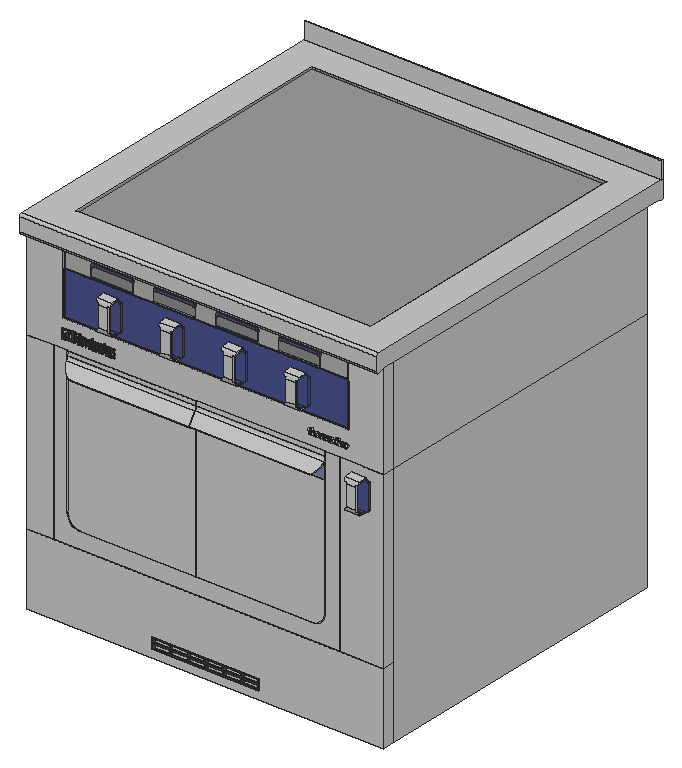
Revit family "QF_ELECTROLUXPROFESSIONAL_588437_MAIQFBH4AO", category Attrezzature speciali, Revit 2020
Family settings
  Quota connettore circolare = Usa diametro
  Tipo di parte = Normale
  Basato su piano di lavoro = No
  Sempre verticale = Sì
  Taglio con vuoti quando caricato = No
  Condiviso = No
  Punto di calcolo locali = No
Parameters (values of type "Standard")
  Weight = 72.00 kg
  Watts = 22000 W
  Volts = 400 V
  URL Manufacturer = "https://www.electroluxprofessional.com/"
  URL = "https://www.electroluxprofessional.com/"
  Steam Supply Size = 0"
  Steam Supply Minimum Pressure = 0.00 psi
  Steam Supply Maximum Pressure = 0.00 psi
  Steam Consumption per Hour = 0
  Refrigeration Suction Line Size = 0 mm
  Refrigeration Liquid Line Size = 0 mm
  Refrigerant Compressor Remote = yes
  Prospetto di default = 0 mm
  Phase = 3
  Modello = "MAIQFBH4AO"
  Produttore = "Electrolux Professional"
  Length Actual = 800 mm  # constant formula
  Item Number = "588437"
  Hot Water Size = 0"
  Height Actual = 800 mm  # constant formula
  HP = "29.5 HP"
  Gas Size = 0"
  Gas KW = 0
  Gas Input Pressure = 0.0 Btu/h
  Direct Waste Size = 0"
  Descrizione = "INDUCTION,4Z,WARM CAB,1S,BS,800X800X800H"
  Depth Actual = 800 mm  # constant formula
  Cycle = 50 Hz
  Condensate Return Size = 0"
  Compressed Air Volume = 0 GPM
  Compressed Air Size = 0"
  Compressed Air Pressure = 0.00 psi
  Cold Water Size = 0"
  Accessory = yes
Reference planes
  plane 1 "BACK": y = 0
  plane 2: z = 0
  plane 3 "LEFT": x = 0
  plane 4 "RIGHT": x = 800
  plane 5 "FRONT": y = -800
  plane 6 "TOP": z = 900
  plane 7 "Center (Left/Right)": x = 400
  plane 8: y = -400
  plane 9: z = 100
  plane 10: y = -150
  plane 11 "Panel": y = -755
  plane 12: z = 798
  plane 13: z = 1327
  plane 14: x = 78
  plane 15: x = 722
  plane 16: y = -150
  plane 17: y = -650
  plane 18 "EIx": x = 755
  plane 19 "EIy": y = -585
  plane 20: x = 380
  plane 21 "BASE_TOP": z = 650
  plane 22: x = 60
  plane 23: x = 700
  plane 24: z = 260
  plane 25: z = 938
Forms (mm)
  Extrusion 1, solid, material "QF_Finishes_Stainless Steel"
    sketch origin (-178.969, -4572, 100) x (-1, 0, 0) y (0, -1, 0)
      loop
        line (-178.969, -4527) -> (-178.969, -3817) -> (-978.969, -3817) -> (-978.969, -4527) -> (-178.969, -4527)
    from 550 to 762.969
  Extrusion 2, solid, material "QF_Finishes_Stainless Steel"
    sketch origin (0, 0, 0) x (0, 1, 0) y (0, 0, 1)
      loop
        line (-755, 100) -> (-755, 260) -> (-780, 260) -> (-780, 100) -> (-755, 100)
    from 0 to 800
  Extrusion 3, solid, material "QF_Finishes_Stainless Steel"
    sketch origin (-588.969, -4562, 100) x (-1, 0, 0) y (0, -1, 0)
      loop
        circle (-1343.969, -3977) r 6.35
    from 0 to -11.851
  Extrusion 4, solid, material "QF_Finishes_Stainless Steel"
    sketch origin (400, 296.4, 1219.2) x (0, 1, 0) y (0, 0, 1)
      loop
        line (-296.4, -319.2) -> (-1091.4, -319.2)
        arc (-1091.4, -319.2) -> (-1094.935, -320.664) -> (-1096.4, -324.2) r 5
        line (-1096.4, -324.2) -> (-1096.4, -355.2)
        arc (-1096.4, -355.2) -> (-1094.971, -358.264) -> (-1091.705, -359.139) r 4
        line (-1091.705, -359.139) -> (-1076.4, -356.231) -> (-316.4, -356.231) -> (-301.094, -359.139)
        arc (-301.094, -359.139) -> (-297.829, -358.264) -> (-296.4, -355.2) r 4
        line (-296.4, -355.2) -> (-296.4, -319.2)
    from -400 to 400
  Extrusion 5, solid, material "QF_Finishes_Stainless Steel"
    sketch origin (-178.969, -4572, 100) x (-1, 0, 0) y (0, -1, 0)
      loop
        line (-178.969, -4527) -> (-178.969, -3817) -> (-978.969, -3817) -> (-978.969, -4527) -> (-178.969, -4527)
    from 550 to 0
  Extrusion 6, void
    sketch origin (0, -755, 0) x (-1, 0, 0) y (0, 0, 1)
      loop
        line (-520, 116.594) -> (-280, 116.594) -> (-280, 141.594) -> (-520, 141.594) -> (-520, 116.594)
    from -20 to -25
  Extrusion 7, solid, material "QF_Finishes_Black"
    sketch origin (0, -755, 0) x (-1, 0, 0) y (0, 0, 1)
      loop
        line (-280, 141.594) -> (-520, 141.594) -> (-520, 116.594) -> (-280, 116.594) -> (-280, 141.594)
      loop
        line (-282, 139.594) -> (-319.131, 139.594) -> (-319.131, 130.094) -> (-282, 130.094) -> (-282, 139.594)
      loop
        line (-282, 118.594) -> (-282, 128.094) -> (-319.131, 128.094) -> (-319.131, 118.594) -> (-282, 118.594)
      loop
        line (-321.131, 139.594) -> (-359.066, 139.594) -> (-359.066, 130.094) -> (-321.131, 130.094) -> (-321.131, 139.594)
      loop
        line (-399, 139.594) -> (-399, 130.094) -> (-361.066, 130.094) -> (-361.066, 139.594) -> (-399, 139.594)
      loop
        line (-401, 139.594) -> (-438.934, 139.594) -> (-438.934, 130.094) -> (-401, 130.094) -> (-401, 139.594)
      loop
        line (-359.066, 118.594) -> (-321.131, 118.594) -> (-321.131, 128.094) -> (-359.066, 128.094) -> (-359.066, 118.594)
      loop
        line (-361.066, 118.594) -> (-361.066, 128.094) -> (-399, 128.094) -> (-399, 118.594) -> (-361.066, 118.594)
      loop
        line (-401, 128.094) -> (-438.934, 128.094) -> (-438.934, 118.594) -> (-401, 118.594) -> (-401, 128.094)
      loop
        line (-518, 139.594) -> (-518, 130.094) -> (-480.869, 130.094) -> (-480.869, 139.594) -> (-518, 139.594)
      loop
        line (-518, 118.594) -> (-480.869, 118.594) -> (-480.869, 128.094) -> (-518, 128.094) -> (-518, 118.594)
      loop
        line (-478.869, 139.594) -> (-478.869, 130.094) -> (-440.934, 130.094) -> (-440.934, 139.594) -> (-478.869, 139.594)
      loop
        line (-440.934, 118.594) -> (-440.934, 128.094) -> (-478.869, 128.094) -> (-478.869, 118.594) -> (-440.934, 118.594)
    from -25 to -20
  Extrusion 8, solid, material "QF_Finishes_Stainless Steel"
    sketch origin (0, -755, 0) x (-1, 0, 0) y (0, 0, 1)
      loop
        line (0, 260) -> (0, 650) -> (-60, 650) -> (-60, 260) -> (0, 260)
    from 0 to -25.03
  Extrusion 9, solid, material "QF_Finishes_Stainless Steel"
    sketch origin (0, -755, 0) x (-1, 0, 0) y (0, 0, 1)
      loop
        line (-700, 260) -> (-700, 650) -> (-800, 650) -> (-800, 260) -> (-700, 260)
    from 0 to -25.03
  Extrusion 10, solid, material "QF_Finishes_Stainless Steel"
    sketch origin (70, -755, 0) x (-1, 0, 0) y (0, 0, 1)
      loop
        line (10, 260) -> (10, 650) -> (-20, 650) -> (-20, 325)
        arc (-20, 325) -> (-28.787, 303.787) -> (-50, 295) r 30
        line (-50, 295) -> (-570, 295)
        arc (-570, 295) -> (-591.213, 303.787) -> (-600, 325) r 30
        line (-600, 325) -> (-600, 650) -> (-630, 650) -> (-630, 260) -> (10, 260)
    from 0 to -25.03
  Extrusion 11, solid, material "QF_Finishes_Electrolux_Black Smoke Iluminated"
    sketch origin (0, 0, 900) x (-1, 0, 0) y (0, -1, 0)
      loop
        line (-70, 70) -> (-70, 730) -> (-730, 730) -> (-730, 70) -> (-70, 70)
    from -5 to 0
  Extrusion 12, void
    sketch origin (11.152, -20, 900) x (-1, 0, 0) y (0, -1, 0)
      loop
        line (-58.848, 50) -> (-58.848, 710) -> (-718.848, 710) -> (-718.848, 50) -> (-58.848, 50)
    from -5 to 40.278
  Extrusion 13, solid, material "QF_Finishes_Stainless Steel"
    sketch origin (400, 296.4, 1219.2) x (0, 1, 0) y (0, 0, 1)
      loop
        line (-296.4, -281.2) -> (-298.4, -281.2) -> (-298.4, -319.2) -> (-296.4, -319.2) -> (-296.4, -281.2)
    from -400 to 400
Cuts and joins
  Extrusion 6 cuts Extrusion 5
  Extrusion 6 cuts Extrusion 2
  Extrusion 12 cuts Extrusion 4
Lines and regions (mm)
  symbolic lines
    curve 1: line (0, 0, 100) -> (800, 0, 100)
    curve 2: line (0, -800, 100) -> (0, 0, 100)
    curve 3: line (800, -800, 100) -> (0, -800, 100)
    curve 4: line (800, 0, 100) -> (800, -800, 100)
    curve 43: line (0, -2, 900) -> (800, -2, 900)
  model lines
    curve 5: line (700, -80, 900) -> (100, -80, 900)
    curve 6: line (100, -80, 900) -> (78.787, -101.213, 900)
    curve 7: line (700, -80, 900) -> (721.213, -101.213, 900)
    curve 8: line (700, -720, 900) -> (100, -720, 900)
    curve 9: line (100, -720, 900) -> (78.787, -698.787, 900)
    curve 10: line (700, -720, 900) -> (721.213, -698.787, 900)
    curve 11: line (107.267, -132.845, 900) -> (107.267, -367.845, 900)
    curve 12: line (107.267, -367.845, 900) -> (124.945, -385.523, 900)
    curve 13: line (107.267, -132.845, 900) -> (124.945, -115.167, 900)
    curve 14: line (192.267, -250.345, 900) -> (292.267, -250.345, 900)
    curve 15: line (377.267, -132.845, 900) -> (377.267, -367.845, 900)
    curve 16: line (377.267, -367.845, 900) -> (359.59, -385.523, 900)
    curve 17: line (377.267, -132.845, 900) -> (359.59, -115.167, 900)
    curve 18: line (242.267, -300.345, 900) -> (242.267, -200.345, 900)
    curve 19: line (692.733, -132.845, 900) -> (692.733, -367.845, 900)
    curve 20: line (692.733, -367.845, 900) -> (675.055, -385.523, 900)
    curve 21: line (692.733, -132.845, 900) -> (675.055, -115.167, 900)
    curve 22: line (607.733, -250.345, 900) -> (507.733, -250.345, 900)
    curve 23: line (422.733, -132.845, 900) -> (422.733, -367.845, 900)
    curve 24: line (422.733, -367.845, 900) -> (440.41, -385.523, 900)
    curve 25: line (422.733, -132.845, 900) -> (440.41, -115.167, 900)
    curve 26: line (557.733, -300.345, 900) -> (557.733, -200.345, 900)
    curve 27: line (107.267, -667.155, 900) -> (107.267, -432.155, 900)
    curve 28: line (107.267, -432.155, 900) -> (124.945, -414.477, 900)
    curve 29: line (107.267, -667.155, 900) -> (124.945, -684.833, 900)
    curve 30: line (192.267, -549.655, 900) -> (292.267, -549.655, 900)
    curve 31: line (377.267, -667.155, 900) -> (377.267, -432.155, 900)
    curve 32: line (377.267, -432.155, 900) -> (359.59, -414.477, 900)
    curve 33: line (377.267, -667.155, 900) -> (359.59, -684.833, 900)
    curve 34: line (242.267, -499.655, 900) -> (242.267, -599.655, 900)
    curve 35: line (692.733, -667.155, 900) -> (692.733, -432.155, 900)
    curve 36: line (692.733, -432.155, 900) -> (675.055, -414.477, 900)
    curve 37: line (692.733, -667.155, 900) -> (675.055, -684.833, 900)
    curve 38: line (607.733, -549.655, 900) -> (507.733, -549.655, 900)
    curve 39: line (422.733, -667.155, 900) -> (422.733, -432.155, 900)
    curve 40: line (422.733, -432.155, 900) -> (440.41, -414.477, 900)
    curve 41: line (422.733, -667.155, 900) -> (440.41, -684.833, 900)
    curve 42: line (557.733, -499.655, 900) -> (557.733, -599.655, 900)
Dimensions and locks
  plane 3 "LEFT" to plane 4 "RIGHT" = 800 mm
  plane 5 "FRONT" to plane 1 "BACK" = 800 mm
  equal spacing: plane 3 "LEFT", plane 7 "Center (Left/Right)", plane 4 "RIGHT"
  equal spacing: plane 5 "FRONT", plane 8, plane 1 "BACK"
  plane 9 to level = 100 mm
  plane 1 "BACK" to plane 10 to plane 11 "Panel" = 150 mm, 605 mm  (x2)
  plane 6 "TOP" to plane 9 to level = 800 mm, 100 mm
  plane 6 "TOP" to level = 900 mm
  plane 1 "BACK" to plane 5 "FRONT" = 800 mm
  plane 1 "BACK" to Extrusion 3 = 585 mm
  plane 12 to plane 9 = 698 mm
  plane 13 to plane 6 "TOP" = 427 mm
  plane 6 "TOP" to plane 12 = 102 mm
  plane 14 to plane 3 "LEFT" = 78 mm
  plane 15 to plane 4 "RIGHT" = 78 mm
  locked: plane 1 "BACK" to plane 16 at 150
  locked: plane 16 to plane 17 at 500
  plane 11 "Panel" to plane 5 "FRONT" = 45 mm
  plane 18 "EIx" to plane 4 "RIGHT" = 45 mm
  plane 19 "EIy" to plane 1 "BACK" = 585 mm
  plane 7 "Center (Left/Right)" to plane 20 = 20 mm
  locked: plane 22 to plane 3 "LEFT" at 60
  plane 23 to plane 4 "RIGHT" = 100 mm
  plane 6 "TOP" to plane 21 "BASE_TOP" to plane 9 to level = 250 mm, 550 mm, 100 mm
  plane 25 to plane 6 "TOP" = 38 mm
  aligned and locked: level to plane 2
  aligned and locked: Extrusion 2 to plane 4 "RIGHT"
  aligned and locked: Extrusion 9 to plane 4 "RIGHT"
  aligned and locked: Extrusion 9 to plane 23
  aligned and locked: plane 21 "BASE_TOP" to Extrusion 9
  aligned and locked: Extrusion 9 to plane 24
  aligned and locked: Extrusion 8 to plane 3 "LEFT"
  aligned and locked: plane 22 to Extrusion 8
  aligned and locked: Extrusion 8 to plane 24
  aligned and locked: Extrusion 10 sketch curve to plane 22
  aligned and locked: Extrusion 10 sketch curve to plane 23
  aligned and locked: Extrusion 10 sketch curve to plane 21 "BASE_TOP"
  aligned and locked: plane 24 to cut or joined group of Extrusion 2, Extrusion 6
  aligned and locked: plane 21 "BASE_TOP" to cut or joined group of Extrusion 5, Extrusion 6
  aligned and locked: Extrusion 1 to plane 21 "BASE_TOP"
  aligned and locked: plane 3 "LEFT" to nested 3
  aligned and locked: nested 3 to plane 21 "BASE_TOP"
  aligned and locked: Extrusion 13 to plane 3 "LEFT"
  aligned and locked: Extrusion 13 to plane 4 "RIGHT"
  aligned and locked: plane 21 "BASE_TOP" to nested 2
Automatic sketch dimensions
  Extrusion 3 sketch curve to plane 18 "EIx" = 0 mm
  Extrusion 3 sketch curve to plane 19 "EIy" = 0 mm
  Extrusion 1 sketch curve to plane 4 "RIGHT" = 0 mm
  Extrusion 1 sketch curve to plane 3 "LEFT" = 0 mm
  Extrusion 1 sketch curve to plane 11 "Panel" = 0 mm
  plane 1 "BACK" to Extrusion 1 sketch curve = 45 mm
  Extrusion 2 sketch curve to plane 9 = 0 mm
  Extrusion 2 sketch curve to plane 24 = 0 mm
  Extrusion 2 sketch curve to plane 11 "Panel" = 0 mm
  Extrusion 2 sketch curve to plane 5 "FRONT" = 20 mm
  plane 1 "BACK" to curve 1 = 0 mm
  curve 1 to plane 4 "RIGHT" = 0 mm
  curve 3 to plane 3 "LEFT" = 0 mm
  plane 5 "FRONT" to curve 3 = 0 mm
  Extrusion 4 sketch curve to plane 5 "FRONT" = 0 mm
  Extrusion 4 sketch curve to plane 6 "TOP" = 0 mm
  Extrusion 4 sketch curve to plane 1 "BACK" = 0 mm
  Extrusion 4 sketch curve to plane 5 "FRONT" = 4 mm
  Extrusion 4 sketch curve to Extrusion 4 sketch curve = 0.695 mm
  Extrusion 4 sketch curve to plane 5 "FRONT" = 5 mm
  Extrusion 4 sketch curve to Extrusion 4 sketch curve = 15.305 mm
  plane 1 "BACK" to Extrusion 4 sketch curve = 20 mm
  plane 1 "BACK" to Extrusion 4 sketch curve = 4.695 mm
  Extrusion 4 sketch curve to Extrusion 4 sketch curve = 4 mm
  Extrusion 4 sketch curve to Extrusion 4 sketch curve = 31 mm
  Extrusion 4 sketch curve to plane 6 "TOP" = 36 mm
  Extrusion 4 sketch curve to Extrusion 4 sketch curve = 2.909 mm
  Extrusion 5 sketch curve to plane 4 "RIGHT" = 0 mm
  Extrusion 5 sketch curve to plane 3 "LEFT" = 0 mm
  Extrusion 5 sketch curve to plane 11 "Panel" = 0 mm
  plane 1 "BACK" to Extrusion 5 sketch curve = 45 mm
  Extrusion 6 sketch curve to plane 24 = 118.406 mm
  plane 7 "Center (Left/Right)" to Extrusion 6 sketch curve = 120 mm
  Extrusion 6 sketch curve to plane 20 = 100 mm
  plane 9 to Extrusion 6 sketch curve = 16.594 mm
  Extrusion 7 sketch curve to plane 24 = 118.406 mm
  plane 7 "Center (Left/Right)" to Extrusion 7 sketch curve = 120 mm
  Extrusion 7 sketch curve to Extrusion 7 sketch curve = 2 mm  (x16)
  Extrusion 7 sketch curve to Extrusion 7 sketch curve = 0 mm  (x15)
  Extrusion 7 sketch curve to Extrusion 7 sketch curve = 37.131 mm  (x2)
  Extrusion 7 sketch curve to Extrusion 7 sketch curve = 37.934 mm  (x2)
  plane 7 "Center (Left/Right)" to Extrusion 7 sketch curve = 1 mm  (x2)
  Extrusion 7 sketch curve to plane 7 "Center (Left/Right)" = 1 mm  (x2)
  Extrusion 7 sketch curve to plane 20 = 18.934 mm
  plane 9 to Extrusion 7 sketch curve = 18.594 mm  (x4)
  Extrusion 7 sketch curve to Extrusion 7 sketch curve = 9.5 mm  (x6)
  curve 8 to plane 23 = 0 mm
  curve 7 to plane 23 = 0 mm
  curve 37 to plane 23 = 7.267 mm
  curve 19 to plane 23 = 7.267 mm
  plane 7 "Center (Left/Right)" to curve 23 = 22.733 mm
  plane 7 "Center (Left/Right)" to curve 39 = 22.733 mm
  curve 15 to plane 20 = 2.733 mm
  curve 33 to plane 20 = 2.733 mm
  curve 27 to plane 14 = 29.267 mm
  curve 11 to plane 14 = 29.267 mm
  curve 8 to plane 14 = 22 mm
  curve 5 to plane 14 = 22 mm
  plane 10 to curve 5 = 70 mm
  plane 10 to curve 21 = 17.155 mm
  plane 10 to curve 11 = 17.155 mm
  plane 10 to curve 17 = 17.155 mm
  plane 10 to curve 25 = 17.155 mm
  plane 8 to curve 16 = 32.155 mm
  plane 8 to curve 23 = 32.155 mm
  plane 8 to curve 19 = 32.155 mm
  plane 8 to curve 12 = 32.155 mm
  curve 35 to plane 8 = 32.155 mm
  curve 31 to plane 8 = 32.155 mm
  curve 40 to plane 8 = 32.155 mm
  curve 27 to plane 8 = 32.155 mm
  plane 17 to curve 29 = 17.155 mm
  plane 17 to curve 33 = 17.155 mm
  plane 17 to curve 35 = 17.155 mm
  plane 17 to curve 39 = 17.155 mm
  plane 11 "Panel" to curve 10 = 35 mm
  plane 15 to curve 10 = 0.787 mm
  plane 15 to curve 7 = 0.787 mm
  curve 20 to plane 23 = 24.945 mm
  curve 37 to plane 23 = 24.945 mm
  curve 21 to plane 23 = 24.945 mm
  curve 36 to plane 23 = 24.945 mm
  plane 19 "EIy" to curve 38 = 35.345 mm
  curve 38 to plane 23 = 92.267 mm
  curve 22 to plane 23 = 92.267 mm
  curve 22 to curve 26 = 50 mm  (x2)
  curve 38 to curve 42 = 50 mm
  curve 42 to curve 38 = 50 mm  (x2)
  curve 26 to curve 22 = 50 mm  (x2)
  curve 41 to curve 39 = 17.678 mm
  curve 40 to plane 8 = 14.477 mm
  curve 40 to curve 39 = 17.678 mm
  plane 8 to curve 24 = 14.477 mm
  curve 24 to curve 23 = 17.678 mm
  curve 25 to curve 23 = 17.678 mm  (x2)
  curve 33 to plane 20 = 20.41 mm
  curve 17 to plane 20 = 20.41 mm
  curve 16 to plane 20 = 20.41 mm
  curve 32 to plane 20 = 20.41 mm
  curve 14 to plane 20 = 87.733 mm
  plane 19 "EIy" to curve 30 = 35.345 mm
  curve 30 to plane 20 = 87.733 mm
  curve 34 to plane 19 "EIy" = 14.655 mm
  curve 30 to curve 34 = 50 mm
  curve 14 to curve 18 = 50 mm  (x2)
  curve 34 to curve 30 = 50 mm  (x2)
  curve 18 to curve 14 = 50 mm  (x2)
  plane 8 to curve 12 = 14.477 mm
  curve 12 to curve 11 = 17.678 mm
  curve 28 to plane 8 = 14.477 mm
  curve 28 to curve 27 = 17.678 mm
  curve 29 to curve 27 = 17.678 mm
  curve 13 to curve 11 = 17.678 mm  (x2)
  curve 9 to plane 14 = 0.787 mm
  curve 6 to plane 14 = 0.787 mm
  curve 5 to curve 7 = 21.213 mm
  curve 5 to curve 6 = 21.213 mm
  curve 17 to curve 15 = 17.678 mm
  curve 21 to curve 19 = 17.678 mm
  curve 26 to plane 10 = 50.345 mm
  curve 18 to plane 10 = 50.345 mm
  plane 8 to curve 16 = 14.477 mm
  plane 8 to curve 20 = 14.477 mm
  curve 36 to plane 8 = 14.477 mm
  curve 32 to plane 8 = 14.477 mm
  curve 42 to plane 19 "EIy" = 14.655 mm
  curve 31 to curve 33 = 17.678 mm
  curve 39 to curve 41 = 17.678 mm
  curve 27 to curve 29 = 17.678 mm
  curve 35 to curve 37 = 17.678 mm
  curve 10 to curve 8 = 21.213 mm
  curve 9 to curve 8 = 21.213 mm
  Extrusion 8 sketch curve to plane 22 = 0 mm
  Extrusion 8 sketch curve to plane 3 "LEFT" = 0 mm
  Extrusion 8 sketch curve to plane 24 = 0 mm
  Extrusion 8 sketch curve to plane 21 "BASE_TOP" = 0 mm
  plane 4 "RIGHT" to Extrusion 9 sketch curve = 0 mm
  Extrusion 9 sketch curve to plane 21 "BASE_TOP" = 0 mm
  Extrusion 9 sketch curve to plane 23 = 0 mm
  Extrusion 9 sketch curve to plane 24 = 0 mm
  Extrusion 10 sketch curve to plane 21 "BASE_TOP" = 0 mm
  Extrusion 10 sketch curve to plane 24 = 0 mm
  Extrusion 10 sketch curve to plane 23 = 30 mm
  Extrusion 10 sketch curve to Extrusion 10 sketch curve = 30 mm
  Extrusion 10 sketch curve to plane 14 = 42 mm
  Extrusion 10 sketch curve to plane 14 = 12 mm
  plane 24 to Extrusion 10 sketch curve = 35 mm
  Extrusion 11 sketch curve to plane 15 = 8 mm
  plane 14 to Extrusion 11 sketch curve = 8 mm
  plane 1 "BACK" to Extrusion 11 sketch curve = 70 mm
  plane 11 "Panel" to Extrusion 11 sketch curve = 25 mm
  Extrusion 12 sketch curve to plane 15 = 8 mm
  plane 14 to Extrusion 12 sketch curve = 8 mm
  plane 1 "BACK" to Extrusion 12 sketch curve = 70 mm
  plane 11 "Panel" to Extrusion 12 sketch curve = 25 mm
  Extrusion 13 sketch curve to plane 25 = 0 mm
  Extrusion 13 sketch curve to plane 6 "TOP" = 0 mm
  Extrusion 13 sketch curve to plane 1 "BACK" = 0 mm
  Extrusion 13 sketch curve to Extrusion 13 sketch curve = 2 mm
  radius of Extrusion 3 sketch curve = 6.35 mm
Nested families
  nested 1: "FIT Range Control Handle" at (745, -783.167, -372.751), type "FIT Range Control Handle"
  nested 2: "H450H2_2DOOR" at (343.958, -755, 200) x (1, 0, 0) z (0, -1, 0), type "H450H2_2DOOR"
    with Width 580 mm, Wdoor 290 mm, Show Clearance yes
  nested 3: "Front_Panel_W800_4 Knobs" at (202.376, -755, 0), type "Front_Panel_W800_4 Knobs"
Connectors
  electrical at (755, -585, 88.149)
    settings: on Extrusion 3, index 1, voltage 400 V, apparent load 33000 VA, apparent load phase1 0 VA, apparent load phase2 0 VA, apparent load phase3 0 VA, power factor 1, load classification "Other", number of poles 1, system type 30, power factor state 1, is connector primary yes, connector utility no, sub classification motor no, connector description "ELECTRICAL CONNECTION"
Definition of nested family "FIT Range Control Handle"
  Parameters
    Default Elevation = 0 mm
  Reference planes
    plane 1 "Center (Front/Back)": y = 0
    plane 2: z = 0
    plane 3 "Center (Left/Right)": x = 0
    plane 4: z = 971.092
    plane 5: y = -16.8
  Forms (mm)
    Extrusion 1, solid
      sketch origin (-746.28, 380.497, 208.931) x (-1, 0, 0) y (0, 0, 1)
        loop
          line (-770.101, 786.798) -> (-770.101, 731.649)
          arc (-770.101, 731.649) -> (-769.759, 730.563) -> (-768.855, 729.87) r 1.893
          line (-768.855, 729.87) -> (-763.474, 727.911) -> (-729.81, 727.911) -> (-724.428, 729.87)
          arc (-724.428, 729.87) -> (-723.525, 730.563) -> (-723.183, 731.649) r 1.893
          line (-723.183, 731.649) -> (-723.183, 786.798)
          arc (-723.183, 786.798) -> (-723.529, 787.894) -> (-724.44, 788.593) r 1.91
          line (-724.44, 788.593) -> (-729.683, 790.819) -> (-763.601, 790.819) -> (-768.844, 788.593)
          arc (-768.844, 788.593) -> (-769.755, 787.894) -> (-770.101, 786.798) r 1.91
      from -382.35 to -378.852
    Sweep 2, solid
      path origin (-746.788, 380.496, 208.091) x (0, -1, 0) y (0, 0, 1)
        loop
          line (379.775, 793.281) -> (395.661, 791.048)
          arc (395.661, 791.048) -> (397.781, 787.377) -> (398.517, 783.202) r 12.207
          line (398.517, 783.202) -> (398.517, 737.368)
          arc (398.517, 737.368) -> (397.781, 733.193) -> (395.661, 729.522) r 12.207
          line (395.661, 729.522) -> (379.775, 727.289)
      profile origin (-746.788, -7.222, 1000.256) x (0, -0.139173, 0.990268) y (-1, 0, 0)
        loop
          line (0.782, -763.123) -> (0.782, -730.907) -> (-1.322, -730.907) -> (-1.322, -763.123) -> (0.782, -763.123)
    Sweep 3, solid
      path origin (-746.788, 380.715, 207.832) x (0, -1, 0) y (0, 0, 1)
        loop
          line (380.478, 795.442) -> (397.218, 793.09)
          arc (397.218, 793.09) -> (399.929, 788.473) -> (400.871, 783.202) r 15.207
          line (400.871, 783.202) -> (400.871, 737.584)
          arc (400.871, 737.584) -> (399.914, 732.274) -> (397.164, 727.633) r 15.207
          line (397.164, 727.633) -> (380.601, 725.305)
      profile origin (-746.788, -8.132, 1002.099) x (0, -0.139173, 0.990268) y (-1, 0, 0)
        loop
          line (0.782, -763.123) -> (0.782, -730.907) -> (-1.322, -730.907) -> (-1.322, -763.123) -> (0.782, -763.123)
    Extrusion 4, void
      sketch origin (889.253, 220.666, 207.993) x (1, 0, 0) y (0, 0, 1)
        loop
          line (-943.038, 816.854) -> (-943.038, 703.686) -> (-899.466, 734.196) -> (-899.466, 786.344) -> (-943.038, 816.854)
      from 230.636 to 242.25
    Extrusion 5, void
      sketch origin (-888.8, 220.666, 207.993) x (-1, 0, 0) y (0, 0, -1)
        loop
          line (-943.038, -816.854) -> (-899.466, -786.344) -> (-899.466, -734.196) -> (-943.038, -703.686) -> (-943.038, -816.854)
      from 230.636 to 242.25
    Extrusion 6, solid
      sketch origin (0, 0, 0) x (1, 0, 0) y (0, 0, 1)
        loop
          circle (0, 971.092) r 7.736
      from -3.137 to -1.645
  Cuts and joins
    Extrusion 4, Extrusion 5 cuts Sweep 3
    Extrusion 4, Extrusion 5 cuts Sweep 2
    joined: Extrusion 1, Extrusion 6
  Lines and regions (mm)
    symbolic lines
      curve 1: line (-15.881, -19.189, 0) -> (-15.881, -16.8, 0)
      curve 2: line (16.334, -19.189, 0) -> (16.334, -16.8, 0)
      curve 3: spline (-15.881, -19.189, 0) -> (-15.417, -19.349, 0) -> (-14.951, -19.501, 0) -> (-14.483, -19.646, 0) -> (-14.014, -19.783, 0) -> (-13.543, -19.912, 0) -> (-13.071, -20.033, 0) -> (-12.597, -20.146, 0) -> (-12.122, -20.251, 0) -> (-11.646, -20.349, 0) -> (-11.169, -20.438, 0) -> (-10.691, -20.52, 0) -> (-10.213, -20.593, 0)
      curve 4: spline (10.666, -20.593, 0) -> (11.144, -20.52, 0) -> (11.622, -20.438, 0) -> (12.099, -20.349, 0) -> (12.575, -20.251, 0) -> (13.05, -20.146, 0) -> (13.524, -20.033, 0) -> (13.996, -19.912, 0) -> (14.467, -19.783, 0) -> (14.936, -19.646, 0) -> (15.404, -19.501, 0) -> (15.87, -19.349, 0) -> (16.334, -19.189, 0)
      curve 5: line (-10.213, -20.938, 0) -> (10.716, -20.938, 0)
  Dimensions and locks
    cut or joined group of Sweep 3, Extrusion 4, Extrusion 5 to cut or joined group of Sweep 3, Extrusion 4, Extrusion 5 = 71.686 mm
Definition of nested family "H450H2_2DOOR"
  Parameters
    Width [instance] = 580 mm
    Wdoor [instance] = Width / 2  # 290 mm
    Show Clearance [instance] = yes
    Model = "727995"
    Height = 450 mm
    Default Elevation = 0 mm
  Reference planes
    plane 1 "Center (Front/Back)": y = 0
    plane 2: z = 0
    plane 3 "Center (Left/Right)": x = 36.042
    plane 4 "panel": z = 25
    plane 5: x = -253.958
    plane 6: x = 326.042
    plane 7: y = 450
    plane 8: z = 290
    plane 9: z = 45
  Forms (mm)
    Extrusion 1, solid
      sketch origin (0, -919.2, 0) x (1, 0, 0) y (0, 1, 0)
        loop
          line (-980.5, 2119.2) -> (-980.5, -162.846) -> (881.94, -162.846) -> (881.94, 2119.2) -> (-980.5, 2119.2)
      from 0 to -59.546
    Extrusion 2, solid
      sketch origin (0, 0, 0) x (1, 0, 0) y (0, 1, 0)
        loop
          line (324.042, 393) -> (37.042, 393) -> (37.042, 97) -> (294.042, 97)
          arc (294.042, 97) -> (315.255, 105.787) -> (324.042, 127) r 30
          line (324.042, 127) -> (324.042, 393)
        loop
          arc (-251.958, 127) -> (-243.171, 105.787) -> (-221.958, 97) r 30
          line (-221.958, 97) -> (35.042, 97) -> (35.042, 393) -> (-251.958, 393) -> (-251.958, 127)
      from 0 to 25
    Extrusion 3, solid
      sketch origin (0, 0, 0) x (1, 0, 0) y (0, 1, 0)
        loop
          line (-251.958, 393) -> (35.042, 393) -> (35.042, 440) -> (-251.958, 440) -> (-251.958, 393)
        loop
          line (37.042, 440) -> (37.042, 393) -> (324.042, 393) -> (324.042, 440) -> (37.042, 440)
      from 0 to 25
    Extrusion 4, solid
      sketch origin (5.581, 79.805, 0) x (1, 0, 0) y (0, 1, 0)
        loop
          line (-257.539, 360.195) -> (29.461, 360.195) -> (29.461, 370.195) -> (-257.539, 370.195) -> (-257.539, 360.195)
        loop
          line (31.461, 370.195) -> (31.461, 360.195) -> (318.461, 360.195) -> (318.461, 370.195) -> (31.461, 370.195)
      from 0 to 25
    Extrusion 5, solid
      sketch origin (36.042, 0, 0) x (0, 1, 0) y (0, 0, 1)
        loop
          line (426.693, 25) -> (440.02, 25)
          arc (440.02, 25) -> (435.261, 25.775) -> (430.993, 28.02) r 15
          line (430.993, 28.02) -> (406.653, 46.362) -> (403.644, 42.369) -> (426.693, 25)
      from 1 to 288
    Extrusion 6, solid
      sketch origin (36.042, 0, 0) x (0, 1, 0) y (0, 0, 1)
        loop
          line (426.693, 25) -> (440.02, 25)
          arc (440.02, 25) -> (435.261, 25.775) -> (430.993, 28.02) r 15
          line (430.993, 28.02) -> (406.653, 46.362) -> (403.644, 42.369) -> (426.693, 25)
      from -288 to -1
    Extrusion 7, void
      sketch origin (0, 0, 0) x (1, 0, 0) y (0, 1, 0)
        loop
          arc (324.042, 426.693) -> (314.508, 412.772) -> (300.317, 403.644) r 42.603
          line (300.317, 403.644) -> (324.042, 403.644) -> (324.042, 426.693)
      from 0 to 47.9
    Extrusion 8, void
      sketch origin (72.084, 0, 0) x (-1, 0, 0) y (0, -1, 0)
        loop
          line (324.042, -426.693) -> (324.042, -403.644) -> (300.317, -403.644)
          arc (300.317, -403.644) -> (314.508, -412.772) -> (324.042, -426.693) r 42.603
      from 0 to 47.9
    Extrusion 9, solid, detail levels coarse
      sketch origin (0, 0, 0) x (1, 0, 0) y (0, 0, 1)
        loop
          arc (36.042, 25) -> (-41.575, 212.383) -> (-228.958, 290) r 265
          line (-228.958, 290) -> (-228.958, 25) -> (36.042, 25)
      from -450 to -97
    Extrusion 10, solid, detail levels coarse
      sketch origin (0, 0, 0) x (1, 0, 0) y (0, 0, 1)
        loop
          arc (301.042, 290) -> (113.659, 212.383) -> (36.042, 25) r 265
          line (36.042, 25) -> (301.042, 25) -> (301.042, 290)
      from -450 to -97
  Cuts and joins
    Extrusion 8 cuts Extrusion 6
    Extrusion 7 cuts Extrusion 5
  Lines and regions (mm)
    symbolic lines
      curve 1: line (326.042, 0, 45) -> (326.042, 0, 290)
      curve 2: line (301.042, 0, 45) -> (301.042, 0, 290)
      curve 3: line (326.042, 0, 290) -> (301.042, 0, 290)
      curve 4: line (-253.958, 0, 45) -> (-253.958, 0, 290)
      curve 5: line (-228.958, 0, 45) -> (-228.958, 0, 290)
      curve 6: line (-253.958, 0, 290) -> (-228.958, 0, 290)
      curve 7: arc (301.042, 0, 290) -> (120.901, 0, 219.356) -> (36.804, 0, 45.088) r 265
      curve 8: arc (35.286, 0, 44.997) -> (-48.783, 0, 219.325) -> (-228.958, 0, 290) r 265
  Dimensions and locks
    plane 4 "panel" to level = 25 mm
    "Width": plane 5 to plane 6
    equal spacing: plane 5, plane 3 "Center (Left/Right)", plane 6
    "Height": plane 1 "Center (Front/Back)" to plane 7
    locked: plane 5 to Extrusion 2 sketch curve at 2
    locked: Extrusion 2 sketch curve to plane 6 at 2
    locked: plane 1 "Center (Front/Back)" to Extrusion 2 sketch curve at 97
    locked: plane 7 to Extrusion 2 sketch curve at 57
    locked: Extrusion 2 sketch curve to plane 3 "Center (Left/Right)" at 1
    locked: plane 3 "Center (Left/Right)" to Extrusion 2 sketch curve at 1
    Extrusion 3 sketch curve to Extrusion 2 = 47 mm
    "Wdoor": plane 8 to level
    locked: curve 2 to curve 1 at 25
    locked: curve 5 to curve 4 at 25
    plane 4 "panel" to plane 9 = 20 mm
    aligned and locked: plane 2 to Extrusion 1
    aligned and locked: level to Extrusion 1
    aligned and locked: plane 4 "panel" to Extrusion 2
    aligned and locked: Extrusion 2 to Extrusion 3 sketch curve
    aligned and locked: Extrusion 3 sketch curve to Extrusion 2  (x2)
    aligned and locked: Extrusion 3 sketch curve to Extrusion 3 sketch curve
    aligned and locked: plane 4 "panel" to Extrusion 3
    aligned and locked: Extrusion 4 sketch curve to Extrusion 4 sketch curve
    aligned and locked: Extrusion 4 sketch curve to Extrusion 3  (x3)
    aligned and locked: Extrusion 3 to Extrusion 4 sketch curve
    aligned and locked: Extrusion 4 sketch curve to plane 7
    aligned and locked: Extrusion 3 to Extrusion 5
    aligned and locked: Extrusion 5 to Extrusion 3
    aligned and locked: Extrusion 6 to Extrusion 3
    aligned and locked: Extrusion 3 to Extrusion 6
    aligned and locked: Extrusion 7 sketch curve to Extrusion 5
    aligned and locked: Extrusion 8 to Extrusion 6
    aligned and locked: Extrusion 4 to Extrusion 8
    aligned and locked: Extrusion 2 to Extrusion 7
    aligned and locked: Extrusion 7 to Extrusion 5
    aligned and locked: Extrusion 4 to Extrusion 3  (x2)
    aligned and locked: Extrusion 3 to Extrusion 2
    aligned and locked: Extrusion 4 to Extrusion 2
    aligned and locked: curve 3 to plane 8
    aligned and locked: curve 1 to plane 6
    aligned and locked: curve 4 to plane 5
    aligned and locked: Extrusion 9 sketch curve to plane 4 "panel"
    aligned and locked: Extrusion 10 sketch curve to curve 7
    aligned and locked: Extrusion 10 sketch curve to curve 2
    aligned and locked: Extrusion 2 to Extrusion 9
    aligned and locked: Extrusion 2 to Extrusion 10
    aligned and locked: plane 7 to Extrusion 9
    aligned and locked: Extrusion 3 to Extrusion 4
  Automatic sketch dimensions
    Extrusion 1 sketch curve to Extrusion 1 sketch curve = 1862.44 mm
    Extrusion 1 sketch curve to Extrusion 1 sketch curve = 2282.046 mm
    Extrusion 2 sketch curve to Extrusion 2 sketch curve = 30 mm  (x2)
    Extrusion 2 sketch curve to plane 1 "Center (Front/Back)" = 97 mm
    Extrusion 2 sketch curve to Extrusion 2 sketch curve = 0 mm
    Extrusion 3 sketch curve to plane 3 "Center (Left/Right)" = 1 mm
    plane 5 to Extrusion 3 sketch curve = 2 mm
    Extrusion 3 sketch curve to Extrusion 3 sketch curve = 0 mm
    Extrusion 5 sketch curve to plane 4 "panel" = 0 mm
    plane 4 "panel" to Extrusion 5 sketch curve = 17.369 mm
    Extrusion 5 sketch curve to plane 7 = 46.356 mm
    plane 4 "panel" to Extrusion 5 sketch curve = 21.362 mm
    Extrusion 5 sketch curve to Extrusion 5 sketch curve = 3.009 mm
    plane 4 "panel" to Extrusion 5 sketch curve = 3.02 mm
    Extrusion 5 sketch curve to Extrusion 5 sketch curve = 9.027 mm
    Extrusion 6 sketch curve to plane 4 "panel" = 0 mm
    plane 4 "panel" to Extrusion 6 sketch curve = 17.369 mm
    Extrusion 6 sketch curve to plane 7 = 46.356 mm
    plane 4 "panel" to Extrusion 6 sketch curve = 21.362 mm
    Extrusion 6 sketch curve to Extrusion 6 sketch curve = 3.009 mm
    plane 4 "panel" to Extrusion 6 sketch curve = 3.02 mm
    Extrusion 6 sketch curve to Extrusion 6 sketch curve = 9.027 mm
    Extrusion 7 sketch curve to Extrusion 7 sketch curve = 23.725 mm
    Extrusion 7 sketch curve to plane 7 = 6.671 mm
    Extrusion 7 sketch curve to plane 6 = 41.221 mm
    Extrusion 7 sketch curve to plane 7 = 23.307 mm
    plane 7 to Extrusion 8 sketch curve = 6.671 mm
    Extrusion 8 sketch curve to plane 5 = 41.221 mm
    Extrusion 8 sketch curve to plane 5 = 25.725 mm
    Extrusion 8 sketch curve to plane 5 = 2 mm
    plane 7 to Extrusion 8 sketch curve = 23.307 mm
    Extrusion 4 sketch curve to Extrusion 4 sketch curve = 10 mm
    Extrusion 4 sketch curve to plane 7 = 10 mm
    curve 2 to plane 9 = 0 mm
    curve 5 to plane 9 = 0 mm
    curve 4 to plane 9 = 0 mm
    curve 1 to plane 9 = 0 mm
    curve 8 to plane 4 "panel" = 0 mm
    curve 5 to plane 8 = 0 mm
    curve 8 to plane 9 = 0.003 mm
    curve 7 to plane 4 "panel" = 0 mm
    plane 9 to curve 7 = 0.088 mm
Definition of nested family "Front_Panel_W800_4 Knobs"
  Parameters
    Default Elevation = 0 mm
  Reference planes
    plane 1 "Center (Front/Back)": y = 0
    plane 2: z = 0
    plane 3 "Center (Left/Right)": x = 197.624
    plane 4 "Left": x = -202.376
    plane 5 "Right": x = 597.624
    plane 6: y = -45
    plane 7: x = -12.376
    plane 8: x = 127.624
    plane 9: y = -310
    plane 10: y = -25
    plane 11: x = 517.624
    plane 12: x = -122.376
  Forms (mm)
    Extrusion 1, solid
      sketch origin (833.217, 829.203, -1.25) x (0, 1, 0) y (0, 0, 1)
        loop
          line (-854.203, 651.25) -> (-829.203, 651.25) -> (-829.203, 864.25) -> (-854.203, 864.25) -> (-854.203, 651.25)
      from -1035.593 to -235.593
    Extrusion 2, void
      sketch origin (0, 0, 0) x (1, 0, 0) y (0, 0, 1)
        loop
          line (-122.376, 853.866) -> (-122.376, 711.866) -> (517.624, 711.866) -> (517.624, 853.866) -> (-122.376, 853.866)
      from 19.387 to 33.951
  Cuts and joins
    Extrusion 2 cuts Extrusion 1
  Dimensions and locks
    equal spacing: plane 5 "Right", plane 3 "Center (Left/Right)", plane 4 "Left"
    plane 5 "Right" to plane 4 "Left" = 800 mm
    plane 3 "Center (Left/Right)" to plane 7 = 210 mm
    plane 3 "Center (Left/Right)" to plane 8 = 70 mm
    plane 6 to plane 9 = 265 mm
    aligned and locked: cut or joined group of Extrusion 1, Extrusion 2 to plane 4 "Left"
    aligned and locked: plane 5 "Right" to cut or joined group of Extrusion 1, Extrusion 2
    aligned and locked: plane 3 "Center (Left/Right)" to nested 2
    aligned and locked: cut or joined group of Extrusion 1, Extrusion 2 to nested 2
  Automatic sketch dimensions
    Extrusion 1 sketch curve to plane 1 "Center (Front/Back)" = 0 mm
    level to Extrusion 1 sketch curve = 650 mm
    plane 4 "Left" to Extrusion 2 sketch curve = 80 mm
    Extrusion 2 sketch curve to plane 5 "Right" = 80 mm
    level to Extrusion 2 sketch curve = 711.866 mm
    Extrusion 2 sketch curve to Extrusion 2 sketch curve = 142 mm
    Extrusion 1 sketch curve to plane 6 = 20 mm
    Extrusion 1 sketch curve to Extrusion 1 sketch curve = 213 mm
  Nested families
    nested 1: "Range Control Handle" at (-12.376, -28.137, -209.113) x (-1, 0, 0) z (0, 0, 1), type "Range Control Handle"
    nested 2: "Front glass control panel W800" at (197.624, 280.644, 2.752), type "Front glass control panel W800"
    nested 3: "Range Control Handle" at (127.624, -28.137, -209.113) x (-1, 0, 0) z (0, 0, 1), type "Range Control Handle"
    nested 4: "Range Control Handle" at (407.624, -28.137, -209.113), type "Range Control Handle"
    nested 5: "Range Control Handle" at (267.624, -28.137, -209.113), type "Range Control Handle"
    nested 6: "ELX_ThermaLine_Small" at (468.838, -25, 679.426) x (1, 0, 0) z (0, -1, 0), type "ELX_ThermaLine_Small"
      with Show Logo yes, Material_Logo none
    nested 7: "ELX_Professional_Logo_Small" at (-62.89, -25, 681.659) x (1, 0, 0) z (0, -1, 0), type "ELX_Professional_Logo_Small"
      with Show Logo yes, Material_Logo none
  Definition of nested family "Range Control Handle"
    Parameters
      Default Elevation = 0 mm
    Reference planes
      plane 1 "Center (Front/Back)": y = 0
      plane 2: z = 0
      plane 3 "Center (Left/Right)": x = 0
      plane 4: z = 971.092
      plane 5: y = -16.9
    Forms (mm)
      Extrusion 1, solid
        sketch origin (-746.28, 380.497, 208.931) x (-1, 0, 0) y (0, 0, 1)
          loop
            line (-770.101, 786.798) -> (-770.101, 731.649)
            arc (-770.101, 731.649) -> (-769.759, 730.563) -> (-768.855, 729.87) r 1.893
            line (-768.855, 729.87) -> (-763.474, 727.911) -> (-729.81, 727.911) -> (-724.428, 729.87)
            arc (-724.428, 729.87) -> (-723.525, 730.563) -> (-723.183, 731.649) r 1.893
            line (-723.183, 731.649) -> (-723.183, 786.798)
            arc (-723.183, 786.798) -> (-723.529, 787.894) -> (-724.44, 788.593) r 1.91
            line (-724.44, 788.593) -> (-729.683, 790.819) -> (-763.601, 790.819) -> (-768.844, 788.593)
            arc (-768.844, 788.593) -> (-769.755, 787.894) -> (-770.101, 786.798) r 1.91
        from -382.35 to -378.852
      Sweep 2, solid
        path origin (-746.788, 380.496, 208.091) x (0, -1, 0) y (0, 0, 1)
          loop
            line (379.775, 793.281) -> (395.661, 791.048)
            arc (395.661, 791.048) -> (397.781, 787.377) -> (398.517, 783.202) r 12.207
            line (398.517, 783.202) -> (398.517, 737.368)
            arc (398.517, 737.368) -> (397.781, 733.193) -> (395.661, 729.522) r 12.207
            line (395.661, 729.522) -> (379.775, 727.289)
        profile origin (-746.788, -7.222, 1000.256) x (0, -0.139173, 0.990268) y (-1, 0, 0)
          loop
            line (0.782, -763.123) -> (0.782, -730.907) -> (-1.322, -730.907) -> (-1.322, -763.123) -> (0.782, -763.123)
      Sweep 3, solid
        path origin (-746.788, 380.715, 207.832) x (0, -1, 0) y (0, 0, 1)
          loop
            line (380.478, 795.442) -> (397.218, 793.09)
            arc (397.218, 793.09) -> (399.929, 788.473) -> (400.871, 783.202) r 15.207
            line (400.871, 783.202) -> (400.871, 737.584)
            arc (400.871, 737.584) -> (399.914, 732.274) -> (397.164, 727.633) r 15.207
            line (397.164, 727.633) -> (380.601, 725.305)
        profile origin (-746.788, -8.132, 1002.099) x (0, -0.139173, 0.990268) y (-1, 0, 0)
          loop
            line (0.782, -763.123) -> (0.782, -730.907) -> (-1.322, -730.907) -> (-1.322, -763.123) -> (0.782, -763.123)
      Extrusion 4, void
        sketch origin (889.253, 220.666, 207.993) x (1, 0, 0) y (0, 0, 1)
          loop
            line (-943.038, 816.854) -> (-943.038, 703.686) -> (-899.466, 734.196) -> (-899.466, 786.344) -> (-943.038, 816.854)
        from 230.636 to 242.25
      Extrusion 5, void
        sketch origin (-888.8, 220.666, 207.993) x (-1, 0, 0) y (0, 0, -1)
          loop
            line (-943.038, -816.854) -> (-899.466, -786.344) -> (-899.466, -734.196) -> (-943.038, -703.686) -> (-943.038, -816.854)
        from 230.636 to 242.25
      Extrusion 6, solid
        sketch origin (0, 0, 0) x (1, 0, 0) y (0, 0, 1)
          loop
            circle (0, 971.092) r 7.736
        from -3.137 to -1.645
    Cuts and joins
      Extrusion 4, Extrusion 5 cuts Sweep 3
      Extrusion 4, Extrusion 5 cuts Sweep 2
      joined: Extrusion 1, Extrusion 6
    Lines and regions (mm)
      symbolic lines
        curve 1: line (16.334, -16.9, 0) -> (16.334, -19.227, 0)
        curve 2: spline (16.334, -19.227, 0) -> (15.87, -19.385, 0) -> (15.404, -19.536, 0) -> (14.936, -19.678, 0) -> (14.466, -19.813, 0) -> (13.995, -19.94, 0) -> (13.523, -20.059, 0) -> (13.049, -20.171, 0) -> (12.575, -20.274, 0) -> (12.099, -20.37, 0) -> (11.622, -20.458, 0) -> (11.144, -20.537, 0) -> (10.666, -20.609, 0)
        curve 3: line (10.666, -16.9, 0) -> (10.666, -20.938, 0)
        curve 4: line (-10.213, -20.938, 0) -> (10.666, -20.938, 0)
        curve 5: line (-10.213, -20.938, 0) -> (-10.213, -16.9, 0)
        curve 6: spline (-10.213, -20.609, 0) -> (-10.691, -20.537, 0) -> (-11.169, -20.458, 0) -> (-11.646, -20.37, 0) -> (-12.122, -20.274, 0) -> (-12.597, -20.171, 0) -> (-13.07, -20.059, 0) -> (-13.542, -19.94, 0) -> (-14.013, -19.813, 0) -> (-14.483, -19.678, 0) -> (-14.951, -19.536, 0) -> (-15.417, -19.385, 0) -> (-15.881, -19.227, 0)
        curve 7: line (-15.881, -19.227, 0) -> (-15.881, -16.9, 0)
  Definition of nested family "Front glass control panel W800"
    Parameters
      Default Elevation = 0 mm
    Reference planes
      plane 1 "Center (Front/Back)": y = 0
      plane 2: z = 0
      plane 3 "Center (Left/Right)": x = 0
    Forms (mm)
      Extrusion 1, solid
        sketch origin (378.286, 0, 0.617) x (1, 0, 0) y (0, 0, 1)
          loop
            line (-698.286, 806.791) -> (-698.286, 708.497) -> (-58.286, 708.497) -> (-58.286, 806.791) -> (-698.286, 806.791)
        from 300.031 to 304.8
      Extrusion 2, solid
        sketch origin (378.286, 0, 0.617) x (1, 0, 0) y (0, 0, 1)
          loop
            line (-698.286, 850.497) -> (-698.286, 806.791) -> (-58.286, 806.791) -> (-58.286, 850.497) -> (-698.286, 850.497)
        from 300.031 to 304.8
      Extrusion 3, void
        sketch origin (378.286, 0, 0.617) x (1, 0, 0) y (0, 0, 1)
          loop
            line (-695.628, 847.565) -> (-695.628, 710.699) -> (-61.196, 710.699) -> (-61.196, 847.565) -> (-695.628, 847.565)
        from 303.697 to 304.8
      Extrusion 4, solid
        sketch origin (-378.333, 1.101, -0.633) x (-1, 0, 0) y (0, 0, -1)
          loop
            line (-261.431, -812.62) -> (-355.186, -812.62) -> (-355.186, -834.177) -> (-350.269, -834.177) -> (-348.469, -835.977) -> (-268.039, -835.977) -> (-266.24, -834.177) -> (-261.431, -834.177) -> (-261.431, -812.62)
        from 304.798 to 306.745
      Extrusion 5, solid
        sketch origin (-378.333, 1.101, -0.633) x (-1, 0, 0) y (0, 0, -1)
          loop
            line (-350.269, -834.177) -> (-355.078, -834.177)
            arc (-355.078, -834.177) -> (-353.942, -838.747) -> (-349.686, -840.763) r 5.5
            line (-349.686, -840.763) -> (-266.98, -840.763)
            arc (-266.98, -840.763) -> (-262.706, -838.752) -> (-261.529, -834.177) r 5.549
            line (-261.529, -834.177) -> (-266.24, -834.177) -> (-268.039, -835.977) -> (-348.469, -835.977) -> (-350.269, -834.177)
        from 304.798 to 306.745
      Extrusion 6, solid
        sketch origin (-518.333, 1.101, -0.633) x (-1, 0, 0) y (0, 0, -1)
          loop
            line (-261.431, -812.62) -> (-355.186, -812.62) -> (-355.186, -834.177) -> (-350.269, -834.177) -> (-348.469, -835.977) -> (-268.039, -835.977) -> (-266.24, -834.177) -> (-261.431, -834.177) -> (-261.431, -812.62)
        from 304.798 to 306.745
      Extrusion 7, solid
        sketch origin (-518.333, 1.101, -0.633) x (-1, 0, 0) y (0, 0, -1)
          loop
            line (-350.269, -834.177) -> (-355.078, -834.177)
            arc (-355.078, -834.177) -> (-353.942, -838.747) -> (-349.686, -840.763) r 5.5
            line (-349.686, -840.763) -> (-266.98, -840.763)
            arc (-266.98, -840.763) -> (-262.706, -838.752) -> (-261.529, -834.177) r 5.549
            line (-261.529, -834.177) -> (-266.24, -834.177) -> (-268.039, -835.977) -> (-348.469, -835.977) -> (-350.269, -834.177)
        from 304.798 to 306.745
      Extrusion 8, solid
        sketch origin (378.333, 1.101, -0.633) x (1, 0, 0) y (0, 0, 1)
          loop
            line (-261.431, 812.62) -> (-261.431, 834.177) -> (-266.24, 834.177) -> (-268.039, 835.977) -> (-348.469, 835.977) -> (-350.269, 834.177) -> (-355.186, 834.177) -> (-355.186, 812.62) -> (-261.431, 812.62)
        from 304.798 to 306.745
      Extrusion 9, solid
        sketch origin (378.333, 1.101, -0.633) x (1, 0, 0) y (0, 0, 1)
          loop
            line (-350.269, 834.177) -> (-348.469, 835.977) -> (-268.039, 835.977) -> (-266.24, 834.177) -> (-261.529, 834.177)
            arc (-261.529, 834.177) -> (-262.706, 838.752) -> (-266.98, 840.763) r 5.549
            line (-266.98, 840.763) -> (-349.686, 840.763)
            arc (-349.686, 840.763) -> (-353.942, 838.747) -> (-355.078, 834.177) r 5.5
            line (-355.078, 834.177) -> (-350.269, 834.177)
        from 304.798 to 306.745
      Extrusion 10, solid
        sketch origin (518.333, 1.101, -0.633) x (1, 0, 0) y (0, 0, 1)
          loop
            line (-261.431, 812.62) -> (-261.431, 834.177) -> (-266.24, 834.177) -> (-268.039, 835.977) -> (-348.469, 835.977) -> (-350.269, 834.177) -> (-355.186, 834.177) -> (-355.186, 812.62) -> (-261.431, 812.62)
        from 304.798 to 306.745
      Extrusion 11, solid
        sketch origin (518.333, 1.101, -0.633) x (1, 0, 0) y (0, 0, 1)
          loop
            line (-350.269, 834.177) -> (-348.469, 835.977) -> (-268.039, 835.977) -> (-266.24, 834.177) -> (-261.529, 834.177)
            arc (-261.529, 834.177) -> (-262.706, 838.752) -> (-266.98, 840.763) r 5.549
            line (-266.98, 840.763) -> (-349.686, 840.763)
            arc (-349.686, 840.763) -> (-353.942, 838.747) -> (-355.078, 834.177) r 5.5
            line (-355.078, 834.177) -> (-350.269, 834.177)
        from 304.798 to 306.745
    Cuts and joins
      Extrusion 3 cuts Extrusion 1
      Extrusion 3 cuts Extrusion 2
    Dimensions and locks
      aligned and locked: Extrusion 1 to Extrusion 2
      aligned and locked: Extrusion 5 sketch curve to Extrusion 4  (x5)
      aligned and locked: Extrusion 5 to Extrusion 4
      aligned and locked: Extrusion 7 sketch curve to Extrusion 6  (x5)
      aligned and locked: Extrusion 7 to Extrusion 6
      aligned and locked: Extrusion 9 sketch curve to Extrusion 8  (x4)
      aligned and locked: Extrusion 8 to Extrusion 9 sketch curve
      aligned and locked: Extrusion 9 to Extrusion 8
      aligned and locked: Extrusion 11 sketch curve to Extrusion 10  (x4)
      aligned and locked: Extrusion 10 to Extrusion 11 sketch curve
      aligned and locked: Extrusion 11 to Extrusion 10
  Definition of nested family "ELX_ThermaLine_Small"
    Parameters
      Show Logo [instance] = yes
      Material_Logo [instance] = none
      Default Elevation = 0 mm
    Reference planes
      plane 1 "Centro (Fronte/Retro)": y = 0
      plane 2: z = 0
      plane 3 "Centro (Sinistra/Destra)": x = 0
    Forms (mm)
      Extrusion 1, solid
        sketch origin (0, 0, 0) x (1, 0, 0) y (0, 1, 0)
          loop
            line (-1219.2, 1219.2) -> (-1219.2, -1219.2) -> (1219.2, -1219.2) -> (1219.2, 1219.2) -> (-1219.2, 1219.2)
        from 0 to -304.8
      Extrusion 2, solid
        sketch origin (0, 0, 0) x (1, 0, 0) y (0, 1, 0)
          loop
            line (-37.494, 1.229) -> (-35.908, 1.229) -> (-35.908, 3.066) -> (-37.494, 3.066) -> (-37.494, 6.221) -> (-39.867, 4.881) -> (-39.867, 3.066) -> (-40.969, 3.066) -> (-40.969, 1.229) -> (-39.867, 1.229) -> (-39.867, -3.407)
            arc (-39.867, -3.407) -> (-38.982, -5.513) -> (-36.751, -6.001) r 2.478
            line (-36.751, -6.001) -> (-35.638, -5.7) -> (-35.9, -3.835) -> (-36.661, -4.039)
            arc (-36.661, -4.039) -> (-37.236, -3.924) -> (-37.494, -3.399) r 0.662
            line (-37.494, -3.399) -> (-37.494, 1.229)
          loop
            line (-34.242, 6.539) -> (-34.242, -5.848) -> (-31.854, -5.848) -> (-31.854, -0.078)
            arc (-31.854, -0.078) -> (-30.939, 1.249) -> (-29.33, 1.367) r 1.866
            arc (-29.33, 1.367) -> (-28.695, 0.768) -> (-28.461, -0.073) r 1.627
            line (-28.461, -0.073) -> (-28.461, -5.848) -> (-26.086, -5.848) -> (-26.064, -0.46)
            arc (-26.064, -0.46) -> (-26.261, 0.932) -> (-26.786, 2.237) r 5.825
            arc (-26.786, 2.237) -> (-29.381, 3.264) -> (-31.854, 1.971) r 3.353
            line (-31.854, 1.971) -> (-31.854, 6.539) -> (-34.242, 6.539)
          loop
            arc (-18.398, -0.598) -> (-18.893, 0.879) -> (-20.326, 1.487) r 1.897
            arc (-20.326, 1.487) -> (-21.461, 0.708) -> (-21.897, -0.598) r 2.164
            line (-21.897, -0.598) -> (-18.398, -0.598)
          loop
            arc (-16.021, -2.044) -> (-16.754, 1.227) -> (-19.444, 3.226) r 4.814
            arc (-19.444, 3.226) -> (-22.137, 2.788) -> (-23.943, 0.743) r 4.054
            arc (-23.943, 0.743) -> (-24.382, -1.249) -> (-24.162, -3.276) r 6.289
            arc (-24.162, -3.276) -> (-23.302, -4.71) -> (-21.958, -5.705) r 4.28
            arc (-21.958, -5.705) -> (-18.558, -5.814) -> (-16.152, -3.409) r 4.28
            line (-16.152, -3.409) -> (-18.5, -2.995)
            arc (-18.5, -2.995) -> (-19.273, -3.994) -> (-20.533, -4.076) r 1.536
            arc (-20.533, -4.076) -> (-21.56, -3.281) -> (-21.958, -2.044) r 2.197
            line (-21.958, -2.044) -> (-16.021, -2.044)
          loop
            line (-14.165, -5.848) -> (-11.819, -5.848) -> (-11.819, -2.138)
            arc (-11.819, -2.138) -> (-11.787, -1.156) -> (-11.637, -0.185) r 8.18
            arc (-11.637, -0.185) -> (-10.644, 0.972) -> (-9.132, 0.776) r 1.603
            line (-9.132, 0.776) -> (-8.419, 2.846)
            arc (-8.419, 2.846) -> (-10.432, 3.118) -> (-11.994, 1.821) r 2.527
            line (-11.994, 1.821) -> (-11.994, 3.094) -> (-14.165, 3.094) -> (-14.165, -5.848)
          loop
            line (-7.579, 3.094) -> (-7.579, -5.848) -> (-5.178, -5.848) -> (-5.178, -0.756)
            arc (-5.178, -0.756) -> (-4.727, 0.679) -> (-3.417, 1.419) r 2.05
            arc (-3.417, 1.419) -> (-2.499, 0.908) -> (-2.155, -0.085) r 1.471
            line (-2.155, -0.085) -> (-2.155, -5.848) -> (0.23, -5.848) -> (0.23, -1.001)
            arc (0.23, -1.001) -> (0.47, 0.127) -> (1.148, 1.061) r 2.775
            arc (1.148, 1.061) -> (2.225, 1.329) -> (3.05, 0.587) r 1.182
            arc (3.05, 0.587) -> (3.199, -0.019) -> (3.214, -0.642) r 2.894
            line (3.214, -0.642) -> (3.214, -5.848) -> (5.601, -5.848) -> (5.601, 0.261)
            arc (5.601, 0.261) -> (4.87, 2.263) -> (2.976, 3.241) r 2.932
            arc (2.976, 3.241) -> (1.284, 2.973) -> (-0.047, 1.896) r 3.309
            arc (-0.047, 1.896) -> (-1.116, 2.865) -> (-2.506, 3.258) r 3.16
            arc (-2.506, 3.258) -> (-4.105, 2.942) -> (-5.376, 1.92) r 3.419
            line (-5.376, 1.92) -> (-5.376, 3.094) -> (-7.579, 3.094)
          loop
            line (7.583, 0.738) -> (9.702, 0.364)
            arc (9.702, 0.364) -> (11.441, 1.492) -> (12.855, -0.023) r 1.613
            line (12.855, -0.023) -> (9.782, -0.789)
            arc (9.782, -0.789) -> (8.559, -1.346) -> (7.617, -2.305) r 3.687
            arc (7.617, -2.305) -> (7.499, -3.681) -> (7.901, -5.003) r 3.651
            arc (7.901, -5.003) -> (9.107, -5.766) -> (10.515, -6.006) r 3.635
            arc (10.515, -6.006) -> (11.898, -5.697) -> (13.067, -4.895) r 3.734
            line (13.067, -4.895) -> (13.376, -5.848) -> (15.75, -5.848) -> (15.212, -4.193) -> (15.212, 0.38)
            arc (15.212, 0.38) -> (14.897, 1.849) -> (13.818, 2.895) r 2.585
            arc (13.818, 2.895) -> (11.792, 3.442) -> (9.719, 3.11) r 5.005
            arc (9.719, 3.11) -> (8.369, 2.178) -> (7.583, 0.738) r 3.54
          loop
            line (19.723, -5.848) -> (22.233, -5.848) -> (24.854, 6.484) -> (22.345, 6.484) -> (19.723, -5.848)
          loop
            line (24.583, -5.848) -> (26.953, -5.848) -> (28.848, 3.066) -> (26.478, 3.066) -> (24.583, -5.848)
          loop
            line (27.204, 6.484) -> (26.741, 4.305) -> (29.111, 4.305) -> (29.575, 6.484) -> (27.204, 6.484)
          loop
            line (29.355, -5.848) -> (31.849, -5.848) -> (33.098, 0.028)
            arc (33.098, 0.028) -> (34.169, 1.306) -> (35.832, 1.422) r 2.132
            arc (35.832, 1.422) -> (36.324, 0.752) -> (36.383, -0.078) r 1.5
            line (36.383, -0.078) -> (35.157, -5.848) -> (37.536, -5.848) -> (38.936, 0.738)
            arc (38.936, 0.738) -> (38.775, 2.091) -> (37.825, 3.066) r 2.118
            arc (37.825, 3.066) -> (35.392, 3.175) -> (33.295, 1.937) r 4.271
            line (33.295, 1.937) -> (33.535, 3.066) -> (31.25, 3.066) -> (29.355, -5.848)
          loop
            line (42.792, -0.64) -> (46.589, -0.64)
            arc (46.589, -0.64) -> (46.639, 0.124) -> (46.327, 0.823) r 1.589
            arc (46.327, 0.823) -> (45.117, 1.521) -> (43.762, 1.183) r 1.865
            arc (43.762, 1.183) -> (43.141, 0.344) -> (42.792, -0.64) r 3.538
          loop
            line (42.565, -2.138) -> (48.593, -2.138)
            arc (48.593, -2.138) -> (48.58, 0.597) -> (46.983, 2.818) r 4.494
            arc (46.983, 2.818) -> (44.191, 3.28) -> (41.725, 1.891) r 4.26
            arc (41.725, 1.891) -> (40.503, -0.3) -> (40.284, -2.799) r 6.003
            arc (40.284, -2.799) -> (40.959, -4.468) -> (42.377, -5.576) r 3.482
            arc (42.377, -5.576) -> (44.265, -5.961) -> (46.152, -5.576) r 4.823
            arc (46.152, -5.576) -> (47.432, -4.731) -> (48.328, -3.485) r 4.245
            line (48.328, -3.485) -> (46.168, -3.105)
            arc (46.168, -3.105) -> (45.214, -4.072) -> (43.859, -4.181) r 1.953
            arc (43.859, -4.181) -> (42.821, -3.408) -> (42.565, -2.138) r 1.81
          loop
            line (12.868, -1.553) -> (10.216, -2.214)
            arc (10.216, -2.214) -> (9.747, -3.136) -> (10.216, -4.058) r 1.14
            arc (10.216, -4.058) -> (11.537, -4.249) -> (12.614, -3.46) r 1.763
            arc (12.614, -3.46) -> (12.858, -2.522) -> (12.868, -1.553) r 3.97
        from 0 to 1.6
    Dimensions and locks
      aligned and locked: plane 2 to Extrusion 1
      aligned and locked: level to Extrusion 1
  Definition of nested family "ELX_Professional_Logo_Small"
    Parameters
      Show Logo [instance] = yes
      Material_Logo [instance] = none
      Default Elevation = 0 mm
    Reference planes
      plane 1 "Centro (Fronte/Retro)": y = 0
      plane 2: z = 0
      plane 3 "Centro (Sinistra/Destra)": x = 0
    Forms (mm)
      Extrusion 1, solid
        sketch origin (0, 0, 0) x (1, 0, 0) y (0, 1, 0)
          loop
            line (-1219.2, 1219.2) -> (-1219.2, -1219.2) -> (1219.2, -1219.2) -> (1219.2, 1219.2) -> (-1219.2, 1219.2)
        from 0 to -304.8
      Extrusion 2, solid, material <- "Material_Logo"
        sketch origin (15.5, 0, 0) x (1, 0, 0) y (0, 1, 0)
          loop
            spline (-42.99, -1.24) -> (-43.195, -1.231) -> (-43.415, -1.203) -> (-43.642, -1.152) -> (-43.87, -1.074) -> (-44.095, -0.966) -> (-44.309, -0.825) -> (-44.506, -0.647) -> (-44.681, -0.429) -> (-44.828, -0.167) -> (-44.94, 0.142) -> (-45.011, 0.501) -> (-45.037, 0.915)
            line (-45.037, 0.915) -> (-45.037, 2.748) -> (-38.984, 2.748) -> (-38.984, 5.086) -> (-45.038, 5.086) -> (-45.038, 8.489) -> (-38.599, 8.489) -> (-38.599, 10.82) -> (-47.515, 10.82) -> (-47.515, 1.021)
            spline (-47.515, 1.021) -> (-47.493, 0.418) -> (-47.425, -0.15) -> (-47.311, -0.682) -> (-47.15, -1.175) -> (-46.939, -1.628) -> (-46.678, -2.038) -> (-46.365, -2.404) -> (-46, -2.723) -> (-45.58, -2.995) -> (-45.105, -3.216) -> (-44.573, -3.385) -> (-43.983, -3.499)
            line (-43.983, -3.499) -> (-43.01, -3.569) -> (-38.426, -3.569) -> (-38.426, -1.24) -> (-42.99, -1.24)
